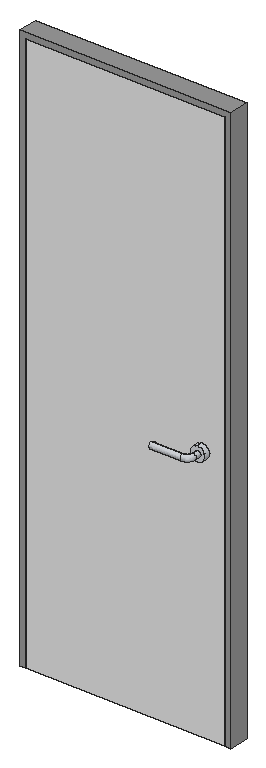
Revit family "- Prestige", category Doors, host Wall, Revit 2018
Family settings
  Host = Wall
  OmniClass Number = 23.30.10.00
  OmniClass Title = Doors
  Always vertical = Yes
  Cut with Voids When Loaded = No
  Shared = No
  Room Calculation Point = No
Parameters (values of type "- 70 x 200 cm")
  Set de Marcos = ""
  Relleno = ""
  Material Marco = - Perfil Aluminio
  Material Hoja = - HDF Prefinish
  Manilla = - Manilla
  Hojas = "Simple de Abatir"
  Function = Interior
  Frame Projection Ext. = 2.50 cm
  Frame Projection Int. = 2.50 cm
  Frame Width = 7.50 cm
  Height = 200.00 cm
  Wall Closure = By host
  Width = 74.00 cm
  Distancia a Cara Interior = 6.00 cm
  Bisagras = ""
  Ancho Hoja = Width - 4.00 cm  # 70.00 cm
  Ancho = Width  # 74.00 cm
  Analytic Construction = "<None>"
  Alto = Height  # 200.00 cm
Types (12, lengths in cm): name | Material Hoja | Height | Width | Ancho Hoja | Ancho | Alto
  - 70 x 200 cm | - HDF Prefinish | 200.00 | 74.00 | 70.00 | 74.00 | 200.00
  - 75 x 200 cm | none | 200.00 | 79.00 | 75.00 | 79.00 | 200.00
  - 80 x 200 cm | none | 200.00 | 84.00 | 80.00 | 84.00 | 200.00
  - 85 x 200 cm | none | 200.00 | 89.00 | 85.00 | 89.00 | 200.00
  - 90 x 200 cm | none | 200.00 | 94.00 | 90.00 | 94.00 | 200.00
  -100 x 200 cm | none | 200.00 | 104.00 | 100.00 | 104.00 | 200.00
  - 70 x 210 cm | none | 210.00 | 74.00 | 70.00 | 74.00 | 210.00
  - 75 x 210 cm | none | 210.00 | 79.00 | 75.00 | 79.00 | 210.00
  - 80 x 210 cm | none | 210.00 | 84.00 | 80.00 | 84.00 | 210.00
  - 85 x 210 cm | none | 210.00 | 89.00 | 85.00 | 89.00 | 210.00
  - 90 x 210 cm | - HDF Prefinish | 210.00 | 94.00 | 90.00 | 94.00 | 210.00
  - 100 x 210 cm | - HDF Siena | 210.00 | 104.00 | 100.00 | 104.00 | 210.00
Reference planes (cm)
  plane 1: y = 0
  plane 2 "Center (Left/Right)": x = 0
  plane 3 "Left": x = -37
  plane 4 "Right": x = 37
  plane 5: z = 200
  plane 6 "Exterior": y = 7.5
  plane 7 "Interior": y = -7.5
  plane 8: y = -1.5
  plane 9: z = 198
  plane 10: x = -35
  plane 11: x = 35
Forms (cm)
  Sweep 1, solid, material "- Perfil Aluminio" <- "Material Marco"
    path origin (0, 7.5, 0) x (1, 0, 0) y (0, 0, 1)
      loop
        line (37, 0) -> (37, 200) -> (-37, 200) -> (-37, 0)
    profile origin (37, 7.5, 100) x (-1, 0, 0) y (0, -1, 0)
      loop
        line (0, 2) -> (3, 2) -> (3, 4.3) -> (2, 4.3) -> (2, 9) -> (0, 9) -> (0, 2)
  Extrusion 2, solid, material "- HDF Prefinish" <- "Material Hoja"
    sketch origin (0, 0, 0) x (1, 0, 0) y (0, 1, 0)
      loop
        line (-35, -1.5) -> (35, -1.5) -> (35, 3) -> (-35, 3) -> (-35, -1.5)
    from 0 to 198
  Sweep 3, solid, material "- Manilla" <- "Manilla", not visible
    path origin (5.8483, -7.5601, 0) x (1, 0, 0) y (0, 1, 0)
      loop
        line (22.1517, 15.0613) -> (32.1517, 15.0613)
        arc (32.1517, 15.0613) -> (33.5659, 14.4756) -> (34.1517, 13.0613) r 2
        line (34.1517, 13.0613) -> (34.1517, 11.0613)
    profile origin (33, 7.5012, 0) x (0, 1, 0) y (0, 0, 1)
      loop
        circle (0, 90) r 1
  Extrusion 4, solid, material "- Manilla" <- "Manilla", not visible
    sketch origin (0, 7.5, 0) x (1, 0, 0) y (0, 0, 1)
      loop
        circle (40, 90) r 2.5
    from 3.9988 to 5
Lines and regions (cm)
  Opening 1
    outline origin (-305, -7.5, 0) x (1, 0, 0) y (0, 0, 1)
      loop
        line (268, 0) -> (342, 0) -> (342, 200) -> (268, 200) -> (268, 0)
  symbolic lines, style "Elevation Swing"
    curve 1: line (37, -7.5, 100) -> (-37, -7.5, 200)
    curve 2: line (37, -7.5, 100) -> (-37, -7.5, 0)
    curve 7: arc (-30.5, -71.5, 0) -> (16.4246, -49.6941, 0) -> (35.2596, -1.5001, 0) r 69.4706
  symbolic lines
    curve 3: line (-35, -1.5, 0) -> (-35, -71.5, 0)
    curve 4: line (-30.5, -1.5, 0) -> (-35, -1.5, 0)
    curve 5: line (-30.5, -71.5, 0) -> (-30.5, -1.5, 0)
    curve 6: line (-35, -71.5, 0) -> (-30.5, -71.5, 0)
  model lines, not visible
    curve 8: line (-20, 3, 25) -> (20, 3, 25)
    curve 9: line (-20, 3, 65) -> (-20, 3, 25)
    curve 10: line (20, 3, 65) -> (8.6603, 3, 65)
    curve 11: line (20, 3, 25) -> (20, 3, 65)
    curve 12: line (-20, 3, 75) -> (-8.6603, 3, 75)
    curve 13: line (-20, 3, 75) -> (-20, 3, 169.9666)
    curve 14: line (20, 3, 75) -> (20, 3, 169.9666)
    curve 15: arc (-8.6603, 3, 65) -> (0, 3, 60) -> (8.6603, 3, 65) r 10
    curve 16: line (8.6603, 3, 75) -> (20, 3, 75)
    curve 17: line (-8.6603, 3, 65) -> (-20, 3, 65)
    curve 18: arc (8.6603, 3, 75) -> (0, 3, 80) -> (-8.6603, 3, 75) r 10
    curve 19: arc (14.9666, 3, 175) -> (0, 3, 183) -> (-14.9666, 3, 175) r 18
    curve 20: arc (-20, 3, 169.9666) -> (-16.4409, 3, 171.4409) -> (-14.9666, 3, 175) r 5.0334
    curve 21: arc (14.9666, 3, 175) -> (16.4409, 3, 171.4409) -> (20, 3, 169.9666) r 5.0334
    curve 22: line (-9.2195, 3, 64) -> (-19, 3, 64)
    curve 23: line (-19, 3, 64) -> (-19, 3, 26)
    curve 24: arc (9.2195, 3, 64) -> (0, 3, 59) -> (-9.2195, 3, 64) r 11
    curve 25: line (19, 3, 64) -> (9.2195, 3, 64)
    curve 26: line (19, 3, 26) -> (19, 3, 64)
    curve 27: line (-19, 3, 26) -> (19, 3, 26)
    curve 28: line (-18.9928, 3, 168.9932) -> (-18.9928, 3, 76)
    curve 29: arc (-13.9941, 3, 174.9045) -> (-15.4113, 3, 171.0338) -> (-18.9928, 3, 168.9932) r 5.9946
    curve 30: arc (13.9971, 3, 174.7848) -> (0.0327, 3, 182.1538) -> (-13.9941, 3, 174.9045) r 17.0542
    curve 31: arc (19, 3, 169.1276) -> (15.4988, 3, 171.072) -> (13.9971, 3, 174.7848) r 6.0089
    curve 32: line (19, 3, 76) -> (19, 3, 169.1276)
    curve 33: line (9.2195, 3, 76) -> (19, 3, 76)
    curve 34: arc (-9.2195, 3, 76) -> (0, 3, 81) -> (9.2195, 3, 76) r 11
    curve 35: line (-18.9928, 3, 76) -> (-9.2195, 3, 76)
    curve 36: arc (12.052, 3, 174.0667) -> (0.0498, 3, 180.1537) -> (-12.0243, 3, 174.2107) r 15.0542
    curve 37: arc (-12.0243, 3, 174.2107) -> (-13.561, 3, 170.1508) -> (-16.9928, 3, 167.4925) r 7.9946
    curve 38: line (-16.9928, 3, 167.4925) -> (-16.9928, 3, 78)
    curve 39: line (17, 3, 78) -> (17, 3, 167.6269)
    curve 40: arc (17, 3, 167.6269) -> (13.6492, 3, 170.1731) -> (12.052, 3, 174.0667) r 8.0089
    curve 41: line (-16.9928, 3, 78) -> (-10.247, 3, 78)
    curve 42: arc (-10.247, 3, 78) -> (0, 3, 83) -> (10.247, 3, 78) r 13
    curve 43: line (10.247, 3, 78) -> (17, 3, 78)
    curve 44: line (-10.247, 3, 62) -> (-17, 3, 62)
    curve 45: arc (10.247, 3, 62) -> (0, 3, 57) -> (-10.247, 3, 62) r 13
    curve 46: line (17, 3, 62) -> (10.247, 3, 62)
    curve 47: line (17, 3, 28) -> (17, 3, 62)
    curve 48: line (-17, 3, 28) -> (17, 3, 28)
    curve 49: line (-17, 3, 62) -> (-17, 3, 28)
    curve 50: line (-314, -1.5, 25) -> (-274, -1.5, 25)
    curve 51: line (-314, -1.5, 65) -> (-314, -1.5, 25)
    curve 52: line (-274, -1.5, 25) -> (-274, -1.5, 65)
    curve 53: line (-314, -1.5, 70) -> (-274, -1.5, 70)
    curve 54: line (-314, -1.5, 70) -> (-314, -1.5, 87)
    curve 55: line (-274, -1.5, 70) -> (-274, -1.5, 87)
    curve 56: line (-274, -1.5, 65) -> (-314, -1.5, 65)
    curve 57: line (-275, -1.5, 64) -> (-313, -1.5, 64)
    curve 58: line (-313, -1.5, 64) -> (-313, -1.5, 26)
    curve 59: line (-275, -1.5, 26) -> (-275, -1.5, 64)
    curve 60: line (-313, -1.5, 26) -> (-275, -1.5, 26)
    curve 61: line (-312.9928, -1.5, 86) -> (-312.9928, -1.5, 71)
    curve 62: line (-275, -1.5, 71) -> (-275, -1.5, 86)
    curve 63: line (-312.9928, -1.5, 71) -> (-275, -1.5, 71)
    curve 64: line (-310.9928, -1.5, 84) -> (-310.9928, -1.5, 73)
    curve 65: line (-277, -1.5, 73) -> (-277, -1.5, 84)
    curve 66: line (-310.9928, -1.5, 73) -> (-277, -1.5, 73)
    curve 67: line (-277, -1.5, 62) -> (-311, -1.5, 62)
    curve 68: line (-277, -1.5, 28) -> (-277, -1.5, 62)
    curve 69: line (-311, -1.5, 28) -> (-277, -1.5, 28)
    curve 70: line (-311, -1.5, 62) -> (-311, -1.5, 28)
    curve 71: line (-310.9928, -1.5, 84) -> (-277, -1.5, 84)
    curve 72: line (-314, -1.5, 87) -> (-274, -1.5, 87)
    curve 73: line (-312.9928, -1.5, 86) -> (-275, -1.5, 86)
    curve 74: line (-310.9928, -1.5, 84) -> (-277, -1.5, 84)
    curve 75: line (-314, -1.5, 97) -> (-274, -1.5, 97)
    curve 76: line (-314, -1.5, 185) -> (-314, -1.5, 97)
    curve 77: line (-274, -1.5, 97) -> (-274, -1.5, 185)
    curve 78: line (-274, -1.5, 185) -> (-314, -1.5, 185)
    curve 79: line (-275, -1.5, 184) -> (-313, -1.5, 184)
    curve 80: line (-313, -1.5, 184) -> (-313, -1.5, 98)
    curve 81: line (-275, -1.5, 98) -> (-275, -1.5, 184)
    curve 82: line (-313, -1.5, 98) -> (-275, -1.5, 98)
    curve 83: line (-277, -1.5, 182) -> (-311, -1.5, 182)
    curve 84: line (-277, -1.5, 100) -> (-277, -1.5, 182)
    curve 85: line (-311, -1.5, 100) -> (-277, -1.5, 100)
    curve 86: line (-311, -1.5, 182) -> (-311, -1.5, 100)
    curve 94: line (-322, 3, 25) -> (-278, 3, 25)
    curve 95: line (-322, 3, 65) -> (-322, 3, 25)
    curve 96: line (-278, 3, 25) -> (-278, 3, 65)
    curve 97: line (-322, 3, 72.5) -> (-278, 3, 72.5)
    curve 98: line (-278, 3, 65) -> (-322, 3, 65)
    curve 99: line (-322, 3, 179.6318) -> (-322, 3, 72.5)
    curve 100: line (-278, 3, 72.5) -> (-278, 3, 179.6128)
    curve 106: arc (-287.223, 3, 181.5172) -> (-299.8863, 3, 186.1263) -> (-312.5991, 3, 181.6553) r 20
    curve 107: arc (-287.223, 3, 181.5172) -> (-285.324, 3, 180.111) -> (-283.0143, 3, 179.6128) r 5.6028
    curve 108: arc (-312.5991, 3, 181.6553) -> (-314.5395, 3, 180.1626) -> (-316.9293, 3, 179.6318) r 5.6449
    curve 109: line (-283.0143, 3, 179.6128) -> (-278, 3, 179.6128)
    curve 110: line (-316.9293, 3, 179.6318) -> (-322, 3, 179.6318)
    curve 123: line (300, -1.5, 25) -> (344, -1.5, 25)
    curve 124: line (300, -1.5, 65) -> (300, -1.5, 25)
    curve 125: line (344, -1.5, 25) -> (344, -1.5, 65)
    curve 126: line (300, -1.5, 72.5) -> (344, -1.5, 72.5)
    curve 127: line (344, -1.5, 65) -> (300, -1.5, 65)
    curve 128: line (300, -1.5, 179.6318) -> (300, -1.5, 72.5)
    curve 129: line (344, -1.5, 72.5) -> (344, -1.5, 179.6128)
    curve 130: arc (334.777, -1.5, 181.5172) -> (322.1137, -1.5, 186.1263) -> (309.4009, -1.5, 181.6553) r 20
    curve 131: arc (334.777, -1.5, 181.5172) -> (336.676, -1.5, 180.111) -> (338.9857, -1.5, 179.6128) r 5.6028
    curve 132: arc (309.4009, -1.5, 181.6553) -> (307.4605, -1.5, 180.1626) -> (305.0707, -1.5, 179.6318) r 5.6449
    curve 133: line (338.9857, -1.5, 179.6128) -> (344, -1.5, 179.6128)
    curve 134: line (305.0707, -1.5, 179.6318) -> (300, -1.5, 179.6318)
  model lines
    curve 87: line (-22, 3, 25) -> (22, 3, 25)
    curve 88: line (-22, 3, 65) -> (-22, 3, 25)
    curve 89: line (22, 3, 25) -> (22, 3, 65)
    curve 90: line (-22, 3, 72.5) -> (22, 3, 72.5)
    curve 91: line (22, 3, 65) -> (-22, 3, 65)
    curve 92: line (-22, 3, 179.6318) -> (-22, 3, 72.5)
    curve 93: line (22, 3, 72.5) -> (22, 3, 179.6128)
    curve 101: arc (12.777, 3, 181.5172) -> (0.1137, 3, 186.1263) -> (-12.5991, 3, 181.6553) r 20
    curve 102: arc (12.777, 3, 181.5172) -> (14.676, 3, 180.111) -> (16.9857, 3, 179.6128) r 5.6028
    curve 103: arc (-12.5991, 3, 181.6553) -> (-14.5395, 3, 180.1626) -> (-16.9293, 3, 179.6318) r 5.6449
    curve 104: line (16.9857, 3, 179.6128) -> (22, 3, 179.6128)
    curve 105: line (-16.9293, 3, 179.6318) -> (-22, 3, 179.6318)
    curve 111: line (-22, -1.5, 25) -> (22, -1.5, 25)
    curve 112: line (-22, -1.5, 65) -> (-22, -1.5, 25)
    curve 113: line (22, -1.5, 25) -> (22, -1.5, 65)
    curve 114: line (-22, -1.5, 72.5) -> (22, -1.5, 72.5)
    curve 115: line (22, -1.5, 65) -> (-22, -1.5, 65)
    curve 116: line (-22, -1.5, 179.6318) -> (-22, -1.5, 72.5)
    curve 117: line (22, -1.5, 72.5) -> (22, -1.5, 179.6128)
    curve 118: arc (12.777, -1.5, 181.5172) -> (0.1137, -1.5, 186.1263) -> (-12.5991, -1.5, 181.6553) r 20
    curve 119: arc (12.777, -1.5, 181.5172) -> (14.676, -1.5, 180.111) -> (16.9857, -1.5, 179.6128) r 5.6028
    curve 120: arc (-12.5991, -1.5, 181.6553) -> (-14.5395, -1.5, 180.1626) -> (-16.9293, -1.5, 179.6318) r 5.6449
    curve 121: line (16.9857, -1.5, 179.6128) -> (22, -1.5, 179.6128)
    curve 122: line (-16.9293, -1.5, 179.6318) -> (-22, -1.5, 179.6318)
Text (cm)
  text "Exterior" at (-229.5016, 109.9543, 0), in view "Ref. Level"
  text "Exterior" at (0, 161.538, 369.8081), in view "Left"
  text "Exterior" at (0, 103.6032, 387.4932), in view "Right"
Dimensions and locks (cm)
  equal spacing: plane 3 "Left", plane 2 "Center (Left/Right)", plane 4 "Right"
  "Width": plane 3 "Left" to plane 4 "Right"
  "Height": plane 5 to host wall
  equal spacing: host wall, curve 2, plane 5
  host wall to plane 5 = 200.00 cm
  locked: plane 6 "Exterior" to host wall at 0
  locked: plane 7 "Interior" to host wall
  "Distancia a Cara Interior": plane 7 "Interior" to plane 8
  locked: Sweep 1 sketch curve to Sweep 1 sketch curve at 7
  locked: plane 9 to plane 5 at 2
  locked: curve 3 to curve 5 at 4.5
  locked: plane 3 "Left" to plane 10 at 2
  locked: plane 11 to plane 4 "Right" at 2
  "Ancho Hoja": curve 6 to curve 4
  locked: Extrusion 2 sketch curve to Extrusion 2 sketch curve at 4.5
  locked: nested 1 to plane 4 "Right" at 10
  level to nested 1 = 90.00 cm
  locked: nested 2 to plane 4 "Right" at 10
  locked: nested 2 to level at 90
  locked: Sweep 1 sketch curve to Sweep 1 sketch curve at 2.3
  locked: plane 2 "Center (Left/Right)" to curve 88 at 22
  curve 113 to plane 2 "Center (Left/Right)" = 22.00 cm
  locked: level to curve 101 at 186.1266
  locked: curve 118 to level at 186.1266
  aligned and locked: plane 3 "Left" to Opening 1 sketch curve
  aligned and locked: plane 5 to Opening 1 sketch curve  (x2)
  aligned and locked: Opening 1 sketch curve to plane 4 "Right"
  aligned and locked: Opening 1 sketch curve to level
  aligned and locked: plane 5 to curve 1
  aligned and locked: plane 3 "Left" to curve 2
  aligned and locked: plane 1 to host wall
  aligned and locked: plane 3 "Left" to curve 1
  aligned and locked: plane 8 to Sweep 1 sketch curve
  aligned and locked: Extrusion 2 sketch curve to plane 8
  aligned and locked: Sweep 1 to level
  aligned and locked: plane 10 to curve 3
  aligned and locked: Sweep 3 to Extrusion 4
  aligned and locked: Extrusion 2 to plane 9
Automatic sketch dimensions
  plane 4 "Right" to curve 2 = 0.00 cm
  curve 2 to level = 0.00 cm
  plane 3 "Left" to Sweep 1 sketch curve = 0.00 cm
  plane 4 "Right" to Sweep 1 sketch curve = 0.00 cm
  Sweep 1 sketch curve to level = 0.00 cm  (x2)
  Sweep 1 sketch curve to plane 5 = 0.00 cm
  Sweep 1 sketch curve to profile plane = 0.00 cm
  Sweep 1 sketch curve to profile plane = 2.00 cm
  Sweep 1 sketch curve to Sweep 1 sketch curve = 1.00 cm
  curve 7 to plane 8 = 0.0001 cm
  curve 7 to plane 11 = 0.2596 cm
  curve 4 to plane 8 = 0.00 cm
  curve 7 to plane 10 = 0.7919 cm
  Sweep 3 sketch curve to Sweep 3 sketch curve = 10.00 cm
  Sweep 3 sketch curve to Sweep 3 sketch curve = 2.00 cm  (x2)
  Sweep 3 sketch curve to profile plane = 0.00 cm
  profile plane to Sweep 3 sketch curve = 90.00 cm
  Extrusion 2 sketch curve to plane 10 = 0.00 cm
  Extrusion 2 sketch curve to plane 11 = 0.00 cm
  curve 15 to curve 18 = 0.00 cm  (x4)
  curve 15 to curve 24 = 0.00 cm  (x4)
  curve 15 to curve 34 = 0.00 cm  (x4)
  curve 15 to curve 42 = 0.00 cm  (x4)
  curve 15 to curve 45 = 0.00 cm  (x4)
  curve 29 to curve 37 = 0.00 cm  (x4)
  curve 30 to curve 36 = 0.00 cm  (x4)
  curve 31 to curve 40 = 0.00 cm  (x4)
  curve 8 to curve 31 = 0.00 cm
  curve 21 to curve 31 = 0.00 cm
  curve 14 to curve 32 = 1.00 cm
  curve 10 to curve 26 = 1.00 cm
  curve 26 to curve 47 = 2.00 cm
  curve 32 to curve 39 = 2.00 cm
  curve 46 to curve 46 = 6.753 cm
  curve 39 to curve 43 = 6.753 cm
  curve 42 to curve 33 = 1.0274 cm
  curve 45 to curve 25 = 1.0274 cm
  curve 33 to curve 16 = 0.5593 cm
  curve 24 to curve 10 = 0.5593 cm
  curve 16 to curve 24 = 8.6603 cm
  curve 39 to curve 19 = 17.00 cm
  curve 19 to curve 36 = 0.0402 cm
  curve 15 to curve 12 = 8.6603 cm
  curve 15 to curve 17 = 8.6603 cm
  curve 15 to curve 22 = 0.5593 cm
  curve 12 to curve 35 = 0.5593 cm
  curve 22 to curve 44 = 1.0274 cm
  curve 34 to curve 41 = 1.0274 cm
  curve 41 to curve 38 = 6.7459 cm
  curve 47 to curve 48 = 34.00 cm
  curve 38 to curve 35 = 2.00 cm
  curve 44 to curve 22 = 2.00 cm
  curve 28 to curve 29 = 0.9959 cm
  curve 29 to curve 20 = 0.0113 cm
  curve 22 to curve 17 = 1.00 cm
  curve 8 to curve 26 = 1.00 cm
  curve 23 to curve 49 = 2.00 cm
  curve 48 to curve 49 = 34.00 cm
  curve 45 to curve 25 = 2.00 cm
  curve 25 to curve 10 = 1.00 cm
  curve 10 to curve 45 = 5.00 cm
  curve 10 to curve 16 = 10.00 cm
  curve 12 to curve 35 = 1.00 cm
  curve 34 to curve 41 = 2.00 cm
  curve 41 to curve 19 = 87.00 cm
  curve 19 to curve 30 = 0.0997 cm
  curve 36 to curve 38 = 2.3928 cm
  curve 19 to curve 39 = 2.6269 cm
  curve 37 to curve 28 = 1.5007 cm
  curve 39 to curve 32 = 1.5007 cm
  curve 28 to curve 13 = 0.9734 cm
  curve 31 to curve 14 = 0.839 cm
  curve 13 to curve 29 = 4.9378 cm
  curve 29 to curve 20 = 0.0955 cm
  curve 21 to curve 40 = 0.0527 cm
  curve 31 to curve 36 = 1.9451 cm
  curve 55 to curve 62 = 1.4142 cm
  curve 59 to curve 68 = 2.8284 cm
  curve 62 to curve 65 = 2.8284 cm
  curve 53 to curve 63 = 1.4142 cm
  curve 57 to curve 67 = 2.8284 cm
  curve 66 to curve 64 = 33.9928 cm
  curve 68 to curve 69 = 34.00 cm
  curve 64 to curve 63 = 2.8284 cm
  curve 67 to curve 57 = 2.8284 cm
  curve 57 to curve 56 = 1.4142 cm
  curve 50 to curve 59 = 1.4142 cm
  curve 58 to curve 70 = 2.8284 cm
  curve 69 to curve 70 = 34.00 cm  (x2)
  curve 53 to curve 63 = 1.4193 cm
  curve 65 to curve 62 = 2.8284 cm
  curve 61 to curve 54 = 1.4193 cm
  curve 18 to curve 24 = 0.00 cm  (x2)
  curve 18 to curve 34 = 0.00 cm  (x2)
  curve 18 to curve 42 = 0.00 cm  (x2)
  curve 18 to curve 45 = 0.00 cm  (x2)
  curve 24 to curve 34 = 0.00 cm  (x2)
  curve 24 to curve 42 = 0.00 cm  (x2)
  curve 24 to curve 45 = 0.00 cm  (x2)
  curve 34 to curve 42 = 0.00 cm  (x2)
  curve 34 to curve 45 = 0.00 cm  (x2)
  curve 42 to curve 45 = 0.00 cm  (x2)
  curve 72 to curve 51 = 0.00 cm
  curve 75 to curve 54 = 0.00 cm
  curve 76 to curve 79 = 1.00 cm
  curve 51 to curve 57 = 1.00 cm
  curve 53 to curve 63 = 1.0072 cm
  curve 79 to curve 86 = 2.00 cm
  curve 58 to curve 70 = 2.00 cm
  curve 61 to curve 66 = 2.00 cm
  curve 64 to curve 65 = 33.9928 cm
  curve 69 to curve 69 = 34.00 cm
  curve 85 to curve 65 = 0.00 cm
  curve 68 to curve 60 = 2.00 cm
  curve 65 to curve 63 = 2.00 cm
  curve 84 to curve 82 = 2.00 cm
  curve 62 to curve 55 = 1.00 cm
  curve 57 to curve 56 = 1.00 cm  (x2)
  curve 79 to curve 78 = 1.00 cm  (x2)
  curve 50 to curve 59 = 1.00 cm
  curve 59 to curve 68 = 2.00 cm
  curve 67 to curve 57 = 2.00 cm
  curve 52 to curve 53 = 5.00 cm
  curve 53 to curve 63 = 1.00 cm
  curve 62 to curve 66 = 2.00 cm
  curve 65 to curve 71 = 11.00 cm
  curve 65 to curve 62 = 2.00 cm
  curve 62 to curve 72 = 1.00 cm
  curve 55 to curve 75 = 10.00 cm
  curve 75 to curve 82 = 1.00 cm
  curve 81 to curve 84 = 2.00 cm
  curve 84 to curve 84 = 82.00 cm
  curve 83 to curve 79 = 2.00 cm
  curve 89 to curve 90 = 7.50 cm
  curve 111 to curve 114 = 47.50 cm
  curve 113 to curve 117 = 7.50 cm  (x2)
  curve 122 to curve 120 = 4.7797 cm
  curve 123 to curve 126 = 47.50 cm
  curve 125 to curve 129 = 7.50 cm  (x2)
  curve 134 to curve 132 = 4.7797 cm
  curve 116 to curve 112 = 0.00 cm
  curve 121 to curve 119 = 5.6028 cm
  curve 122 to curve 120 = 4.3302 cm
  curve 128 to curve 124 = 0.00 cm
  curve 133 to curve 131 = 5.6028 cm
  curve 134 to curve 132 = 4.3302 cm
  curve 116 to curve 120 = 5.0707 cm
  curve 118 to curve 118 = 12.6039 cm
  curve 118 to curve 119 = 16.9809 cm
  curve 121 to curve 117 = 5.0143 cm
  curve 114 to curve 118 = 93.6266 cm
  curve 118 to curve 117 = 13.4862 cm
  curve 118 to curve 116 = 13.5052 cm
  curve 120 to curve 120 = 5.6449 cm
  curve 111 to curve 113 = 44.00 cm
  curve 111 to curve 112 = 40.00 cm
  curve 128 to curve 132 = 5.0707 cm
  curve 130 to curve 130 = 12.6039 cm
  curve 130 to curve 131 = 16.9809 cm
  curve 133 to curve 129 = 5.0143 cm
  curve 126 to curve 130 = 93.6266 cm
  curve 130 to curve 129 = 13.4862 cm
  curve 130 to curve 128 = 13.5052 cm
  curve 132 to curve 132 = 5.6449 cm
  curve 123 to curve 125 = 44.00 cm
  curve 123 to curve 124 = 40.00 cm
  curve 87 to curve 90 = 0.00 cm
  curve 93 to curve 102 = 5.0143 cm
  curve 102 to curve 101 = 16.9809 cm
  curve 101 to curve 103 = 16.9341 cm
  curve 103 to curve 92 = 5.0707 cm
  curve 91 to curve 90 = 0.00 cm
  curve 87 to curve 88 = 40.00 cm
  curve 88 to curve 90 = 7.50 cm
  curve 90 to curve 101 = 93.6266 cm
  curve 101 to curve 93 = 13.4862 cm
  curve 101 to curve 105 = 13.5052 cm
  curve 102 to curve 102 = 5.6028 cm
  curve 103 to curve 103 = 5.6449 cm
  curve 102 to curve 101 = 4.2087 cm
  curve 94 to curve 97 = 0.00 cm
  curve 100 to curve 107 = 5.0143 cm
  curve 107 to curve 106 = 16.9809 cm
  curve 106 to curve 108 = 16.9341 cm
  curve 108 to curve 99 = 5.0707 cm
  curve 98 to curve 97 = 0.00 cm
  curve 94 to curve 95 = 40.00 cm
  curve 95 to curve 97 = 7.50 cm
  curve 97 to curve 106 = 93.6266 cm
  curve 106 to curve 100 = 13.4862 cm
  curve 106 to curve 110 = 13.5052 cm
  curve 107 to curve 107 = 5.6028 cm
  curve 108 to curve 108 = 5.6449 cm
  curve 107 to curve 106 = 4.2087 cm
  radius of Sweep 3 sketch curve = 1.00 cm
  radius of Extrusion 4 sketch curve = 2.50 cm
Nested families (cm)
  nested 1: "- Manilla Generica Puerta" at (27, 3, 90) x (0, 0, -1) z (0, 1, 0), type "- Manilla Generica Puerta"
  nested 2: "- Manilla Generica Puerta" at (27, -1.5, 90) x (0, 0, -1) z (0, -1, 0), type "- Manilla Generica Puerta"
Definition of nested family "- Manilla Generica Puerta"
  Parameters (values of type "- Manilla Generica Puerta")
    Manilla = none
    Default Elevation = 121.92 cm
  Reference planes (cm)
    plane 1 "Center (Front/Back)": y = 0
    plane 2: z = 0
    plane 3 "Center (Left/Right)": x = 0
    plane 4: z = 2
  Forms (cm)
    Extrusion 1, solid
      sketch origin (0, 0, 0) x (1, 0, 0) y (0, 1, 0)
        loop
          line (-121.92, 121.92) -> (-121.92, -121.92) -> (121.92, -121.92) -> (121.92, 121.92) -> (-121.92, 121.92)
      from 0 to -30.48
    Extrusion 2, solid, material <- "Manilla"
      sketch origin (0, 0, 0) x (1, 0, 0) y (0, 1, 0)
        loop
          circle (0, 0) r 2.5
      from 0 to 2
    Sweep 3, solid, material <- "Manilla"
      path origin (0, 0, 0) x (0, 1, 0) y (0, 0, 1)
        loop
          line (0, 2) -> (0, 4)
          arc (0, 4) -> (0.5858, 5.4142) -> (2, 6) r 2
          line (2, 6) -> (13, 6)
      profile origin (0, 0, 3) x (0, -1, 0) y (1, 0, 0)
        loop
          circle (0, 0) r 1
  Dimensions and locks (cm)
    locked: Extrusion 2 to Extrusion 2 at 2
    locked: plane 4 to level at 2
    aligned and locked: plane 2 to Extrusion 1
    aligned and locked: level to Extrusion 1
    aligned and locked: plane 4 to Sweep 3
